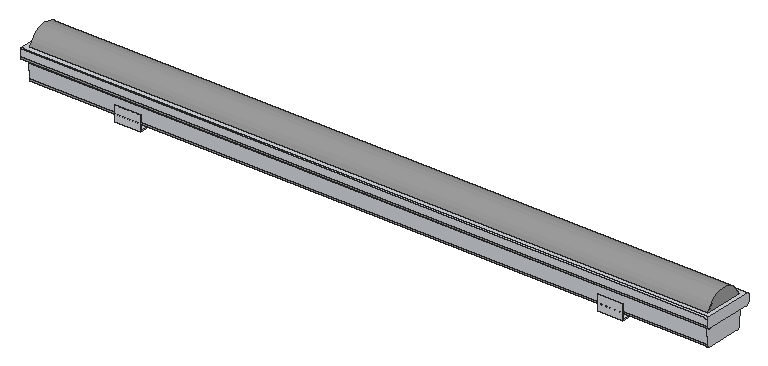
Revit family "0010233", category Lighting Fixtures, host Face, Revit 2017
Family settings
  Host = Face
  Round Connector Dimension = Use Diameter
  Part Type = Normal
  OmniClass Number = 23.80.70.00
  OmniClass Title = Lighting
  Cut with Voids When Loaded = No
  Light Source = Yes
  Shared = No
  Room Calculation Point = No
Parameters (values of type "0010233 RESISTO 1200 HE IP66 4800LM 840")
  Weight = "1.51 kg"
  Wattage Comments = ""
  Wattage = 31 W
  WarrantyStartDate [instance] = "n/a"
  WarrantyGuarantorParts = "n/a"
  WarrantyDurationUnit = "n/a"
  WarrantyDurationParts = "n/a"
  WarrantyDescription = "n/a"
  WIDTH_SYL = 44.5 mm
  built-in parameter 1150110 = 1 (stored number, unit not read)
  Voltage = 0 V
  URL = "http://www.sylvania-lighting.com"
  TypeName = "Resisto  1200 HE IP66 4800lm 840"
  Type Image = <None>
  Type Comments = "n/a"
  built-in parameter 1114217 = 1 (stored number, unit not read)
  Tilt Angle = -90.00°
  built-in parameter 1150109 = 1 (stored number, unit not read)
  built-in parameter 1150134 = 12
  TOP_WIDTH_SYL = 33.5 mm
  built-in parameter 1150113 = 1 (stored number, unit not read)
  SerialNumber [instance] = "n/a"
  Photometric Web File = "0010233.ies"
  Material_3_SYL = none
  PowerFactor = 0.95
  PowerConsumption = "31 W"
  NominalLength = 1200 mm
  NominalHeight = 80 mm
  NominalDepth = 87 mm
  Name = "Resisto  1200 HE IP66 4800lm 840"
  ModelReference = Name  # "Resisto  1200 HE IP66 4800lm 840"
  ModelNumber = "0010233"
  Model = Name  # "Resisto  1200 HE IP66 4800lm 840"
  Material = "pc polycarbonate housing, pc polycarbonate diffuser"
  ManufacturerName = "Feilo Sylvania"
  Manufacturer = "Feilo Sylvania"
  MID_WIDTH_SYL = 36 mm
  LuminousEfficacy = "155 lm/W"
  built-in parameter 1150105 = 1587 (stored number, unit not read)
  Lumens = 4805 lm
  LuminaireType = ""
  built-in parameter 1150115 = 1 (stored number, unit not read)
  LightOutputRatio = "n/a"
  built-in parameter 1150137 = (empty or 0)
  built-in parameter 1150139 = (empty or 0)
  LampsType = Lamp  # "LED"
  LampNominalLuminous = "4800 lm"
  LampMacAdamStep = "3"
  LampColourTemperature = "4000 K"
  LampColourRenderingIndex = "80"
  built-in parameter 1150112 = 1 (stored number, unit not read)
  built-in parameter 1150114 = 1 (stored number, unit not read)
  Lamp = "LED"
  LENGHT_SYL = if(L1500_SYL, 742 mm, if(L1200_SYL, 592 mm, 317 mm))  # 592 mm
  LENGHT_CHAMFER_SYL = if(L1500_SYL, 750 mm, if(L1200_SYL, 600 mm, 325 mm))  # 600 mm
  LENGHT_650_SYL = 325 mm
  LENGHT-_SYL = if(L1500_SYL, -742 mm, if(L1200_SYL, -592 mm, -317 mm))  # -592 mm
  LENGHT-_CHAMFER_SYL = if(L1500_SYL, -750 mm, if(L1200_SYL, -600 mm, -325 mm))  # -600 mm
  LEGHT_650-_SYL = -325 mm
  LEGHT_1500_SYL = 750 mm
  LEGHT_1500-_SYL = -750 mm
  LEGHT_1200_SYL = 600 mm
  LEGHT_1200-_SYL = -600 mm
  L0650_SYL = no
  L1500_SYL = no
  L1200_SYL = yes
  Keynote = "16500"
  InstallationDate [instance] = "n/a"
  InputVoltage = "n/a"
  InputNominalFrequency = "n/a"
  built-in parameter 1150132 = (empty or 0)
  built-in parameter 1150102 = (empty or 0)
  built-in parameter 1150107 = 4000 (stored number, unit not read)
  built-in parameter 1150138 = (empty or 0)
  IngressProtection = "IP66"
  ImpactProtectionIndex = "IK08"
  built-in parameter 1150106 = 15.87 (stored number, unit not read)
  IfcExportType = "IfcLightFixtureType"
  IfcExportAs = "IfcLightFixtureType"
  Emit from Circle Diameter = 609.6 mm
  Emit Shape Visible in Rendering = no
  ElectricShockClassification = "Class I"
  built-in parameter 1150104 = 14.4 (stored number, unit not read)
  DocumentationLiterature = "http://www.sylvania-lighting.com/product/en-int/products/0010233"
  DimmingControlOptions = "n/a"
  Material_2_SYL = none
  Dimming Lamp Color Temperature Shift = <None>
  Description = "Resisto, integrated LED weatherproof luminaire, with UV stabilized flat diffuser designed to achieve uniform lit appearance, optimise light output and to reduce glare. 301 stainless steel diffuser clips and fixing brackets for surface mounting. Polycarbonate housing and diffuser - no yellow discolouration over time. 4800lm; 31W; 155lm/W; 4000K; SDCM<3; non dimmable; CRI80; IP66; IK08; Class I; 69,000hrs (L80B20) lifespan; 1200mm x 89mm x 88mm; D-mark."
  Default Elevation = 1219.2 mm
  DIF_WIDHT_SYL = 35 mm
  DIF_HEIGHT_SYL = 24 mm
  CreatedOn = "3/10/2021"
  CreatedBy = "@sylvania-lighting.com"
  Cost = 0
  Color Filter = 16777215
  built-in parameter 1114216 [instance] = (empty or 0)
  ClassificationValue = "EF_70_80"
  ClassificationName = "Uniclass2015"
  Material_1_SYL = Default
  CHAMFER_SYL = 19 mm
  BarCode [instance] = "n/a"
  built-in parameter 1114218 = 1 (stored number, unit not read)
  BRACKET_WIDTH_SYL = BRACKET_DIST_SYL - 44 mm  # 400 mm
  BRACKET_HEIGHT_SYL = 9 mm
  BRACKET_DIST_SYL = LENGHT_CHAMFER_SYL - 156 mm  # 444 mm
  BODY_SYL = 36 mm
  built-in parameter 1150133 = 10 (stored number, unit not read)
  AssetType = "Fixed"
  AssetIdentifier [instance] = "n/a"
  Assembly Code = "D5020200"
  Apparent Load = 31 VA
  Material_4_SYL = none
Reference planes
  plane 1 "Center (Front/Back)": y = 0
  plane 2: z = 0
  plane 3 "Center (Left/Right)": x = 0
  plane 4: z = 9
  plane 5: z = 45
  plane 6: z = 64
  plane 7: z = 88
  plane 8: y = -44.5
  plane 9: y = 44.5
  plane 10: y = -35
  plane 11: y = 35
  plane 12: y = 33.5
  plane 13: y = -33.5
  plane 14: y = -36
  plane 15: y = 36
  plane 16: z = 1
Forms (mm)
  Extrusion 1, solid
    sketch origin (319, 1524, 1219.2) x (0, 1, 0) y (0, 0, 1)
      loop
        line (-1552.835, -1210.2) -> (-1495.165, -1210.2)
        arc (-1495.165, -1210.2) -> (-1491.754, -1208.856) -> (-1490.177, -1205.546) r 5
        line (-1490.177, -1205.546) -> (-1488.323, -1178.854) -> (-1488, -1174.2) -> (-1560, -1174.2) -> (-1559.677, -1178.854) -> (-1557.823, -1205.546)
        arc (-1557.823, -1205.546) -> (-1556.246, -1208.856) -> (-1552.835, -1210.2) r 5
    from -592 <- "LENGHT-_SYL" to 592 <- "LENGHT_SYL"
  Extrusion 2, solid, material "Default" <- "Material_1_SYL"
    sketch origin (319, 1524, 1219.2) x (0, 1, 0) y (0, 0, 1)
      loop
        arc (-1490.5, -1155.2) -> (-1524, -1131.2) -> (-1557.5, -1155.2) r 35.38
        line (-1557.5, -1155.2) -> (-1490.5, -1155.2)
    from -592 <- "LENGHT-_SYL" to 592 <- "LENGHT_SYL"
  Extrusion 3, solid
    sketch origin (319, 1524, 1219.2) x (0, 1, 0) y (0, 0, 1)
      loop
        line (-1481.5, -1155.2) -> (-1566.5, -1155.2)
        arc (-1566.5, -1155.2) -> (-1567.914, -1155.786) -> (-1568.5, -1157.2) r 2
        line (-1568.5, -1157.2) -> (-1568.5, -1169.2)
        arc (-1568.5, -1169.2) -> (-1567.036, -1172.736) -> (-1563.5, -1174.2) r 5
        line (-1563.5, -1174.2) -> (-1484.5, -1174.2)
        arc (-1484.5, -1174.2) -> (-1480.964, -1172.736) -> (-1479.5, -1169.2) r 5
        line (-1479.5, -1169.2) -> (-1479.5, -1157.2)
        arc (-1479.5, -1157.2) -> (-1480.086, -1155.786) -> (-1481.5, -1155.2) r 2
    from -600 <- "LENGHT-_CHAMFER_SYL" to 600 <- "LENGHT_CHAMFER_SYL"
  Extrusion 4, solid
    sketch origin (319, 1524, 1219.2) x (0, 1, 0) y (0, 0, 1)
      loop
        line (-1489, -1219.2) -> (-1489, -1192.216) -> (-1490.5, -1192.216) -> (-1490.5, -1218.2) -> (-1557.5, -1218.2) -> (-1557.5, -1192.172) -> (-1559, -1192.172) -> (-1559, -1219.2) -> (-1489, -1219.2)
    from 400 <- "BRACKET_WIDTH_SYL" to 444 <- "BRACKET_DIST_SYL"
  Extrusion 5, solid
    sketch origin (321, 1524, 1219.2) x (0, 1, 0) y (0, 0, -1)
      loop
        line (-1489, 1219.2) -> (-1559, 1219.2) -> (-1559, 1192.172) -> (-1557.5, 1192.172) -> (-1557.5, 1218.2) -> (-1490.5, 1218.2) -> (-1490.5, 1192.216) -> (-1489, 1192.216) -> (-1489, 1219.2)
    from 400 <- "BRACKET_WIDTH_SYL" to 444 <- "BRACKET_DIST_SYL"
Dimensions and locks
  "BRACKET_HEIGHT_SYL": plane 4 to host face
  "BODY_SYL": plane 4 to plane 5
  "CHAMFER_SYL": plane 5 to plane 6
  "DIF_HEIGHT_SYL": plane 6 to plane 7
  "WIDTH_SYL": plane 9 to plane 1 "Center (Front/Back)" to plane 8
  "DIF_WIDHT_SYL": plane 11 to plane 1 "Center (Front/Back)" to plane 10
  "TOP_WIDTH_SYL": plane 12 to plane 1 "Center (Front/Back)" to plane 13
  "MID_WIDTH_SYL": plane 15 to plane 1 "Center (Front/Back)" to plane 14
  aligned and locked: plane 2 to host face
  aligned and locked: level to host face
  aligned and locked: Extrusion 3 sketch curve to plane 6
  aligned and locked: Extrusion 3 sketch curve to plane 9
  aligned and locked: plane 5 to Extrusion 3 sketch curve
  aligned and locked: plane 8 to Extrusion 3 sketch curve
Automatic sketch dimensions
  host sketch curve to host sketch curve = 2438.4 mm  (x2)
  plane 5 to Extrusion 1 sketch curve = 0 mm
  Extrusion 1 sketch curve to plane 14 = 0 mm
  plane 4 to Extrusion 1 sketch curve = 0 mm
  Extrusion 1 sketch curve to plane 15 = 0 mm
  Extrusion 1 sketch curve to plane 14 = 0.323 mm
  plane 13 to Extrusion 1 sketch curve = 0.323 mm
  Extrusion 1 sketch curve to plane 13 = 4.665 mm
  plane 12 to Extrusion 1 sketch curve = 4.665 mm
  Extrusion 1 sketch curve to plane 12 = 0.323 mm
  plane 15 to Extrusion 1 sketch curve = 0.323 mm
  Extrusion 1 sketch curve to plane 4 = 4.654 mm  (x2)
  plane 5 to Extrusion 1 sketch curve = 4.654 mm  (x2)
  plane 6 to Extrusion 2 sketch curve = 0 mm
  Extrusion 2 sketch curve to plane 13 = 0 mm
  Extrusion 2 sketch curve to plane 1 "Center (Front/Back)" = 0 mm
  Extrusion 2 sketch curve to plane 5 = 7.62 mm
  Extrusion 3 sketch curve to plane 8 = 2 mm
  plane 14 to Extrusion 3 sketch curve = 3.5 mm
  Extrusion 3 sketch curve to plane 15 = 3.5 mm
  plane 6 to Extrusion 3 sketch curve = 2 mm
  Extrusion 4 sketch curve to level = 0 mm
  Extrusion 4 sketch curve to plane 10 = 0 mm
  Extrusion 4 sketch curve to plane 13 = 0 mm
  Extrusion 4 sketch curve to plane 12 = 0 mm
  Extrusion 4 sketch curve to plane 11 = 0 mm
  plane 16 to Extrusion 4 sketch curve = 0 mm
  Extrusion 4 sketch curve to plane 4 = 17.984 mm
  plane 5 to Extrusion 4 sketch curve = 17.972 mm
  Extrusion 5 sketch curve to level = 0 mm
  Extrusion 5 sketch curve to plane 10 = 0 mm
  Extrusion 5 sketch curve to plane 13 = 0 mm
  Extrusion 5 sketch curve to plane 12 = 0 mm
  Extrusion 5 sketch curve to plane 11 = 0 mm
  plane 16 to Extrusion 5 sketch curve = 0 mm
  Extrusion 5 sketch curve to plane 4 = 17.984 mm
  plane 5 to Extrusion 5 sketch curve = 17.972 mm
Connectors
  electrical at (-273, 0, 27)
    settings: on Extrusion 1, index 1, voltage 0 V, apparent load 0 VA, apparent load phase1 0 VA, apparent load phase2 0 VA, apparent load phase3 0 VA, power factor 1, load classification "Other", number of poles 1, system type 31, power factor state 1, is connector primary yes, connector utility no, sub classification motor no, connector description ""
Types (60, lengths in mm): name | Weight | Wattage | TypeName | built-in parameter 1150134 | Photometric Web File | PowerFactor | PowerConsumption | NominalLength | Name | ModelReference | ModelNumber | Model | LuminousEfficacy | built-in parameter 1150105 | Lumens | LampNominalLuminous | LampMacAdamStep | LampColourTemperature | LENGHT_SYL | LENGHT_CHAMFER_SYL | LENGHT-_SYL | LENGHT-_CHAMFER_SYL | L0650_SYL | L1500_SYL | L1200_SYL | built-in parameter 1150107 | built-in parameter 1150106 | built-in parameter 1150104 | DocumentationLiterature | Description | BRACKET_WIDTH_SYL | BRACKET_DIST_SYL | Apparent Load
  0010278 RESISTO 1500 HE IP66 8300LM 840 | "1.95 kg" | 54 W | "Resisto 1500 HE IP66 8300lm 840" | 12 | "0010278.ies" | 0.95 | "54 W" | 1500 | "Resisto 1500 HE IP66 8300lm 840" | "Resisto 1500 HE IP66 8300lm 840" | "0010278" | "Resisto 1500 HE IP66 8300lm 840" | "154 lm/W" | 2674.3 (stored number, unit not read) | 8316 lm | "8300 lm" | "3" | "4000 K" | 742 | 750 | -742 | -750 | no | yes | no | 4000 (stored number, unit not read) | 26.743 (stored number, unit not read) | 14.307 (stored number, unit not read) | "http://www.sylvania-lighting.com/product/en-int/products/0010278" | "Resisto, integrated LED weatherproof luminaire, with UV stabilized flat diffuser designed to achieve uniform lit appearance, optimise light output and to reduce glare. 301 stainless steel diffuser clips and fixing brackets for surface mounting. Polycarbonate housing and diffuser - no yellow discolouration over time. 8300lm; 54W; 154lm/W; 4000K; SDCM<3; non dimmable; CRI80; IP66; IK08; Class I; 69,000hrs (L80B20) lifespan; 1500mm x 89mm x 88mm; D-mark." | 550 | 594 | 54 VA
  0010274 RESISTO 1500 HE IP66 DALI 7100LM 840 | "2.01 kg" | 46 W | "Resisto 1500 HE IP66 DALI 7100lm 840" | 12 | "0010274.ies" | 0.98 | "46 W" | 1500 | "Resisto 1500 HE IP66 DALI 7100lm 840" | "Resisto 1500 HE IP66 DALI 7100lm 840" | "0010274" | "Resisto 1500 HE IP66 DALI 7100lm 840" | "154 lm/W" | 2362.2 (stored number, unit not read) | 7084 lm | "7100 lm" | "3" | "4000 K" | 742 | 750 | -742 | -750 | no | yes | no | 4000 (stored number, unit not read) | 23.622 (stored number, unit not read) | 14.307 (stored number, unit not read) | "http://www.sylvania-lighting.com/product/en-int/products/0010274" | "Resisto, integrated LED weatherproof luminaire, with UV stabilized flat diffuser designed to achieve uniform lit appearance, optimise light output and to reduce glare. 301 stainless steel diffuser clips and fixing brackets for surface mounting. Polycarbonate housing and diffuser - no yellow discolouration over time. 7100lm; 46W; 154lm/W; 4000K; SDCM<3; DALI dimmable; CRI80; IP66; IK08; Class I; 69,000hrs (L80B20) lifespan; 1500mm x 89mm x 88mm; D-mark." | 550 | 594 | 46 VA
  0010273 RESISTO 1500 HE IP66 DALI 4000LM 840 | "1.95 kg" | 25 W | "Resisto 1500 HE IP66 DALI 4000lm 840" | 12 | "0010273.ies" | 0.98 | "25 W" | 1500 | "Resisto 1500 HE IP66 DALI 4000lm 840" | "Resisto 1500 HE IP66 DALI 4000lm 840" | "0010273" | "Resisto 1500 HE IP66 DALI 4000lm 840" | "160 lm/W" | 1286.3 (stored number, unit not read) | 4000 lm | "4000 lm" | "3" | "4000 K" | 742 | 750 | -742 | -750 | no | yes | no | 4000 (stored number, unit not read) | 12.863 (stored number, unit not read) | 14.864 (stored number, unit not read) | "http://www.sylvania-lighting.com/product/en-int/products/0010273" | "Resisto, integrated LED weatherproof luminaire, with UV stabilized flat diffuser designed to achieve uniform lit appearance, optimise light output and to reduce glare. 301 stainless steel diffuser clips and fixing brackets for surface mounting. Polycarbonate housing and diffuser - no yellow discolouration over time. 4000lm; 25W; 160lm/W; 4000K; SDCM<3; DALI dimmable; CRI80; IP66; IK08; Class I; 69,000hrs (L80B20) lifespan; 1500mm x 89mm x 88mm; D-mark." | 550 | 594 | 25 VA
  0010272 RESISTO 1500 HE IP66 7100LM 840 EM | "2.58 kg" | 50 W | "Resisto 1500 HE IP66 7100lm 840 EM" | 12 | "0010272.ies" | 0.95 | "50 W" | 1500 | "Resisto 1500 HE IP66 7100lm 840 EM" | "Resisto 1500 HE IP66 7100lm 840 EM" | "0010272" | "Resisto 1500 HE IP66 7100lm 840 EM" | "142 lm/W" | 2367.5 (stored number, unit not read) | 7100 lm | "7100 lm" | "3" | "4000 K" | 742 | 750 | -742 | -750 | no | yes | no | 4000 (stored number, unit not read) | 23.675 (stored number, unit not read) | 13.192 (stored number, unit not read) | "http://www.sylvania-lighting.com/product/en-int/products/0010272" | "Resisto, integrated LED weatherproof luminaire, with UV stabilized flat diffuser designed to achieve uniform lit appearance, optimise light output and to reduce glare. 301 stainless steel diffuser clips and fixing brackets for surface mounting. Polycarbonate housing and diffuser - no yellow discolouration over time. 7100lm; 50W; 142lm/W; 4000K; SDCM<3; non dimmable; CRI80; IP66; IK08; Class I; 69,000hrs (L80B20) lifespan; 1500mm x 89mm x 88mm; D-mark; 3-hour maintained emergency batteries." | 550 | 594 | 50 VA
  0010271 RESISTO 1500 HE IP66 4000LM 840 EM | "2.51 kg" | 29 W | "Resisto 1500 HE IP66 4000lm 840 EM" | 12 | "0010271.ies" | 0.95 | "29 W" | 1500 | "Resisto 1500 HE IP66 4000lm 840 EM" | "Resisto 1500 HE IP66 4000lm 840 EM" | "0010271" | "Resisto 1500 HE IP66 4000lm 840 EM" | "138 lm/W" | 1287 (stored number, unit not read) | 4002 lm | "4000 lm" | "3" | "4000 K" | 742 | 750 | -742 | -750 | no | yes | no | 4000 (stored number, unit not read) | 12.87 (stored number, unit not read) | 12.821 (stored number, unit not read) | "http://www.sylvania-lighting.com/product/en-int/products/0010271" | "Resisto, integrated LED weatherproof luminaire, with UV stabilized flat diffuser designed to achieve uniform lit appearance, optimise light output and to reduce glare. 301 stainless steel diffuser clips and fixing brackets for surface mounting. Polycarbonate housing and diffuser - no yellow discolouration over time. 4000lm; 29W; 138lm/W; 4000K; SDCM<3; non dimmable; CRI80; IP66; IK08; Class I; 69,000hrs (L80B20) lifespan; 1500mm x 89mm x 88mm; D-mark; 3-hour maintained emergency batteries." | 550 | 594 | 29 VA
  0010269 RESISTO 1500 HE IP66 7100LM 840 | "1.95 kg" | 46 W | "Resisto  1500 HE IP66 7100lm 840" | 12 | "0010269.ies" | 0.95 | "46 W" | 1500 | "Resisto  1500 HE IP66 7100lm 840" | "Resisto  1500 HE IP66 7100lm 840" | "0010269" | "Resisto  1500 HE IP66 7100lm 840" | "154 lm/W" | 2362.2 (stored number, unit not read) | 7084 lm | "7100 lm" | "3" | "4000 K" | 742 | 750 | -742 | -750 | no | yes | no | 4000 (stored number, unit not read) | 23.622 (stored number, unit not read) | 14.307 (stored number, unit not read) | "http://www.sylvania-lighting.com/product/en-int/products/0010269" | "Resisto, integrated LED weatherproof luminaire, with UV stabilized flat diffuser designed to achieve uniform lit appearance, optimise light output and to reduce glare. 301 stainless steel diffuser clips and fixing brackets for surface mounting. Polycarbonate housing and diffuser - no yellow discolouration over time. 7100lm; 46W; 154lm/W; 4000K; SDCM<3; non dimmable; CRI80; IP66; IK08; Class I; 69,000hrs (L80B20) lifespan; 1500mm x 89mm x 88mm; D-mark." | 550 | 594 | 46 VA
  0010268 RESISTO 1500 HE IP66 4000LM 840 | "1.87 kg" | 25 W | "Resisto  1500 HE IP66 4000lm 840" | 12 | "0010268.ies" | 0.95 | "25 W" | 1500 | "Resisto  1500 HE IP66 4000lm 840" | "Resisto  1500 HE IP66 4000lm 840" | "0010268" | "Resisto  1500 HE IP66 4000lm 840" | "160 lm/W" | 1286.3 (stored number, unit not read) | 4000 lm | "4000 lm" | "3" | "4000 K" | 742 | 750 | -742 | -750 | no | yes | no | 4000 (stored number, unit not read) | 12.863 (stored number, unit not read) | 14.864 (stored number, unit not read) | "http://www.sylvania-lighting.com/product/en-int/products/0010268" | "Resisto, integrated LED weatherproof luminaire, with UV stabilized flat diffuser designed to achieve uniform lit appearance, optimise light output and to reduce glare. 301 stainless steel diffuser clips and fixing brackets for surface mounting. Polycarbonate housing and diffuser - no yellow discolouration over time. 4000lm; 25W; 160lm/W; 4000K; SDCM<3; non dimmable; CRI80; IP66; IK08; Class I; 69,000hrs (L80B20) lifespan; 1500mm x 89mm x 88mm; D-mark." | 550 | 594 | 25 VA
  0010261 RESISTO 1500 IP66 DALI 8300LM 840 | "2.01 kg" | 61 W | "Resisto  1500 IP66 DALI 8300lm 840" | 12 | "0010261.ies" | 0.99 | "61 W" | 1500 | "Resisto  1500 IP66 DALI 8300lm 840" | "Resisto  1500 IP66 DALI 8300lm 840" | "0010261" | "Resisto  1500 IP66 DALI 8300lm 840" | "136 lm/W" | 2792.8 (stored number, unit not read) | 8296 lm | "8300 lm" | "5" | "4000 K" | 742 | 750 | -742 | -750 | no | yes | no | 4000 (stored number, unit not read) | 27.928 (stored number, unit not read) | 12.635 (stored number, unit not read) | "http://www.sylvania-lighting.com/product/en-int/products/0010261" | "Resisto, integrated LED weatherproof luminaire, with UV stabilized flat diffuser designed to achieve uniform lit appearance, optimise light output and to reduce glare. 301 stainless steel diffuser clips and fixing brackets for surface mounting. Polycarbonate housing and diffuser - no yellow discolouration over time. 8300lm; 61W; 136lm/W; 4000K; SDCM<5; DALI dimmable; CRI80; IP66; IK08; Class I; 69,000hrs (L80B20) lifespan; 1500mm x 89mm x 88mm; D-mark." | 550 | 594 | 61 VA
  0010260 RESISTO 1500 IP66 DALI 7100LM 840 | "2.01 kg" | 52 W | "Resisto  1500 IP66 DALI 7100lm 840" | 12 | "0010260.ies" | 0.99 | "52 W" | 1500 | "Resisto  1500 IP66 DALI 7100lm 840" | "Resisto  1500 IP66 DALI 7100lm 840" | "0010260" | "Resisto  1500 IP66 DALI 7100lm 840" | "137 lm/W" | 2375.5 (stored number, unit not read) | 7124 lm | "7100 lm" | "5" | "4000 K" | 742 | 750 | -742 | -750 | no | yes | no | 4000 (stored number, unit not read) | 23.755 (stored number, unit not read) | 12.728 (stored number, unit not read) | "http://www.sylvania-lighting.com/product/en-int/products/0010260" | "Resisto, integrated LED weatherproof luminaire, with UV stabilized flat diffuser designed to achieve uniform lit appearance, optimise light output and to reduce glare. 301 stainless steel diffuser clips and fixing brackets for surface mounting. Polycarbonate housing and diffuser - no yellow discolouration over time. 7100lm; 52W; 137lm/W; 4000K; SDCM<5; DALI dimmable; CRI80; IP66; IK08; Class I; 69,000hrs (L80B20) lifespan; 1500mm x 89mm x 88mm; D-mark." | 550 | 594 | 52 VA
  0010259 RESISTO 1500 IP66 DALI 4000LM 840 | "1.95 kg" | 30 W | "Resisto  1500 IP66 DALI 4000lm 840" | 12 | "0010259.ies" | 0.98 | "30 W" | 1500 | "Resisto  1500 IP66 DALI 4000lm 840" | "Resisto  1500 IP66 DALI 4000lm 840" | "0010259" | "Resisto  1500 IP66 DALI 4000lm 840" | "133 lm/W" | 1283.1 (stored number, unit not read) | 3990 lm | "4000 lm" | "5" | "4000 K" | 742 | 750 | -742 | -750 | no | yes | no | 4000 (stored number, unit not read) | 12.831 (stored number, unit not read) | 12.356 (stored number, unit not read) | "http://www.sylvania-lighting.com/product/en-int/products/0010259" | "Resisto, integrated LED weatherproof luminaire, with UV stabilized flat diffuser designed to achieve uniform lit appearance, optimise light output and to reduce glare. 301 stainless steel diffuser clips and fixing brackets for surface mounting. Polycarbonate housing and diffuser - no yellow discolouration over time. 4000lm; 30W; 133lm/W; 4000K; SDCM<5; DALI dimmable; CRI80; IP66; IK08; Class I; 69,000hrs (L80B20) lifespan; 1500mm x 89mm x 88mm; D-mark." | 550 | 594 | 30 VA
  0010258 RESISTO 1500 IP66 MWCOR 7100LM 840 | "2.06 kg" | 52 W | "Resisto  1500 IP66 MWcor 7100lm 840" | 12 | "0010258.ies" | 0.99 | "52 W" | 1500 | "Resisto  1500 IP66 MWcor 7100lm 840" | "Resisto  1500 IP66 MWcor 7100lm 840" | "0010258" | "Resisto  1500 IP66 MWcor 7100lm 840" | "137 lm/W" | 2375.5 (stored number, unit not read) | 7124 lm | "7100 lm" | "5" | "4000 K" | 742 | 750 | -742 | -750 | no | yes | no | 4000 (stored number, unit not read) | 23.755 (stored number, unit not read) | 12.728 (stored number, unit not read) | "http://www.sylvania-lighting.com/product/en-int/products/0010258" | "Resisto, integrated LED weatherproof luminaire, with UV stabilized flat diffuser designed to achieve uniform lit appearance, optimise light output and to reduce glare. 301 stainless steel diffuser clips and fixing brackets for surface mounting. Polycarbonate housing and diffuser - no yellow discolouration over time. 7100lm; 52W; 137lm/W; 4000K; SDCM<5; non dimmable; CRI80; IP66; IK08; Class I; 69,000hrs (L80B20) lifespan; 1500mm x 89mm x 88mm; D-mark; corridor function with microwave presence sensor." | 550 | 594 | 52 VA
  0010257 RESISTO 1500 IP66 MWCOR 4000LM 840 | "2.0 kg" | 30 W | "Resisto  1500 IP66 MWcor 4000lm 840" | 12 | "0010257.ies" | 0.98 | "30 W" | 1500 | "Resisto  1500 IP66 MWcor 4000lm 840" | "Resisto  1500 IP66 MWcor 4000lm 840" | "0010257" | "Resisto  1500 IP66 MWcor 4000lm 840" | "133 lm/W" | 1283.1 (stored number, unit not read) | 3990 lm | "4000 lm" | "5" | "4000 K" | 742 | 750 | -742 | -750 | no | yes | no | 4000 (stored number, unit not read) | 12.831 (stored number, unit not read) | 12.356 (stored number, unit not read) | "http://www.sylvania-lighting.com/product/en-int/products/0010257" | "Resisto, integrated LED weatherproof luminaire, with UV stabilized flat diffuser designed to achieve uniform lit appearance, optimise light output and to reduce glare. 301 stainless steel diffuser clips and fixing brackets for surface mounting. Polycarbonate housing and diffuser - no yellow discolouration over time. 4000lm; 30W; 133lm/W; 4000K; SDCM<5; non dimmable; CRI80; IP66; IK08; Class I; 69,000hrs (L80B20) lifespan; 1500mm x 89mm x 88mm; D-mark; corridor function with microwave presence sensor." | 550 | 594 | 30 VA
  0010256 RESISTO 1500 IP66 MW 7100LM 840 | "2.0 kg" | 52 W | "Resisto  1500 IP66 MW 7100lm 840" | 12 | "0010256.ies" | 0.95 | "52 W" | 1500 | "Resisto  1500 IP66 MW 7100lm 840" | "Resisto  1500 IP66 MW 7100lm 840" | "0010256" | "Resisto  1500 IP66 MW 7100lm 840" | "137 lm/W" | 2375.5 (stored number, unit not read) | 7124 lm | "7100 lm" | "5" | "4000 K" | 742 | 750 | -742 | -750 | no | yes | no | 4000 (stored number, unit not read) | 23.755 (stored number, unit not read) | 12.728 (stored number, unit not read) | "http://www.sylvania-lighting.com/product/en-int/products/0010256" | "Resisto, integrated LED weatherproof luminaire, with UV stabilized flat diffuser designed to achieve uniform lit appearance, optimise light output and to reduce glare. 301 stainless steel diffuser clips and fixing brackets for surface mounting. Polycarbonate housing and diffuser - no yellow discolouration over time. 7100lm; 52W; 137lm/W; 4000K; SDCM<5; non dimmable; CRI80; IP66; IK08; Class I; 69,000hrs (L80B20) lifespan; 1500mm x 89mm x 88mm; D-mark; MW On/Off." | 550 | 594 | 52 VA
  0010255 RESISTO 1500 IP66 MW 4000LM 840 | "1.92 kg" | 30 W | "Resisto  1500 IP66 MW 4000lm 840" | 12 | "0010255.ies" | 0.95 | "30 W" | 1500 | "Resisto  1500 IP66 MW 4000lm 840" | "Resisto  1500 IP66 MW 4000lm 840" | "0010255" | "Resisto  1500 IP66 MW 4000lm 840" | "133 lm/W" | 1283.1 (stored number, unit not read) | 3990 lm | "4000 lm" | "5" | "4000 K" | 742 | 750 | -742 | -750 | no | yes | no | 4000 (stored number, unit not read) | 12.831 (stored number, unit not read) | 12.356 (stored number, unit not read) | "http://www.sylvania-lighting.com/product/en-int/products/0010255" | "Resisto, integrated LED weatherproof luminaire, with UV stabilized flat diffuser designed to achieve uniform lit appearance, optimise light output and to reduce glare. 301 stainless steel diffuser clips and fixing brackets for surface mounting. Polycarbonate housing and diffuser - no yellow discolouration over time. 4000lm; 30W; 133lm/W; 4000K; SDCM<5; non dimmable; CRI80; IP66; IK08; Class I; 69,000hrs (L80B20) lifespan; 1500mm x 89mm x 88mm; D-mark; MW On/Off." | 550 | 594 | 30 VA
  0010254 RESISTO 1500 IP66 7100LM 840 EM | "2.59 kg" | 56 W | "Resisto  1500 IP66 7100lm 840 EM" | 12 | "0010254.ies" | 0.95 | "56 W" | 1500 | "Resisto  1500 IP66 7100lm 840 EM" | "Resisto  1500 IP66 7100lm 840 EM" | "0010254" | "Resisto  1500 IP66 7100lm 840 EM" | "127 lm/W" | 2371.5 (stored number, unit not read) | 7112 lm | "7100 lm" | "5" | "4000 K" | 742 | 750 | -742 | -750 | no | yes | no | 4000 (stored number, unit not read) | 23.715 (stored number, unit not read) | 11.799 (stored number, unit not read) | "http://www.sylvania-lighting.com/product/en-int/products/0010254" | "Resisto, integrated LED weatherproof luminaire, with UV stabilized flat diffuser designed to achieve uniform lit appearance, optimise light output and to reduce glare. 301 stainless steel diffuser clips and fixing brackets for surface mounting. Polycarbonate housing and diffuser - no yellow discolouration over time. 7100lm; 56W; 127lm/W; 4000K; SDCM<5; non dimmable; CRI80; IP66; IK08; Class I; 69,000hrs (L80B20) lifespan; 1500mm x 89mm x 88mm; D-mark; 3-hour maintained emergency batteries." | 550 | 594 | 56 VA
  0010253 RESISTO 1500 IP66 4000LM 840 EM | "2.5 kg" | 34 W | "Resisto  1500 IP66 4000lm 840 EM" | 12 | "0010253.ies" | 0.95 | "34 W" | 1500 | "Resisto  1500 IP66 4000lm 840 EM" | "Resisto  1500 IP66 4000lm 840 EM" | "0010253" | "Resisto  1500 IP66 4000lm 840 EM" | "118 lm/W" | 1290.2 (stored number, unit not read) | 4012 lm | "4000 lm" | "5" | "4000 K" | 742 | 750 | -742 | -750 | no | yes | no | 4000 (stored number, unit not read) | 12.902 (stored number, unit not read) | 10.963 (stored number, unit not read) | "http://www.sylvania-lighting.com/product/en-int/products/0010253" | "Resisto, integrated LED weatherproof luminaire, with UV stabilized flat diffuser designed to achieve uniform lit appearance, optimise light output and to reduce glare. 301 stainless steel diffuser clips and fixing brackets for surface mounting. Polycarbonate housing and diffuser - no yellow discolouration over time. 4000lm; 34W; 118lm/W; 4000K; SDCM<5; non dimmable; CRI80; IP66; IK08; Class I; 69,000hrs (L80B20) lifespan; 1500mm x 89mm x 88mm; D-mark; 3-hour maintained emergency batteries." | 550 | 594 | 34 VA
  0010252 RESISTO 1500 IP66 7100LM 840 5XTH | "2.18 kg" | 52 W | "Resisto 1500 IP66 7100lm 840 5xTH" | 12 | "0010252.ies" | 0.95 | "52 W" | 1500 | "Resisto 1500 IP66 7100lm 840 5xTH" | "Resisto 1500 IP66 7100lm 840 5xTH" | "0010252" | "Resisto 1500 IP66 7100lm 840 5xTH" | "137 lm/W" | 2375.5 (stored number, unit not read) | 7124 lm | "7100 lm" | "5" | "4000 K" | 742 | 750 | -742 | -750 | no | yes | no | 4000 (stored number, unit not read) | 23.755 (stored number, unit not read) | 12.728 (stored number, unit not read) | "http://www.sylvania-lighting.com/product/en-int/products/0010252" | "Resisto, integrated LED weatherproof luminaire, with UV stabilized flat diffuser designed to achieve uniform lit appearance, optimise light output and to reduce glare. 301 stainless steel diffuser clips and fixing brackets for surface mounting. Polycarbonate housing and diffuser - no yellow discolouration over time. 7100lm; 52W; 137lm/W; 4000K; SDCM<5; non dimmable; CRI80; IP66; IK08; Class I; 69,000hrs (L80B20) lifespan; 1500mm x 89mm x 88mm; D-mark; through wiring." | 550 | 594 | 52 VA
  0010251 RESISTO 1500 IP66 4000LM 840 5XTH | "2.1 kg" | 30 W | "Resisto 1500 IP66 4000lm 840 5xTH" | 12 | "0010251.ies" | 0.95 | "30 W" | 1500 | "Resisto 1500 IP66 4000lm 840 5xTH" | "Resisto 1500 IP66 4000lm 840 5xTH" | "0010251" | "Resisto 1500 IP66 4000lm 840 5xTH" | "133 lm/W" | 1283.1 (stored number, unit not read) | 3990 lm | "4000 lm" | "5" | "4000 K" | 742 | 750 | -742 | -750 | no | yes | no | 4000 (stored number, unit not read) | 12.831 (stored number, unit not read) | 12.356 (stored number, unit not read) | "http://www.sylvania-lighting.com/product/en-int/products/0010251" | "Resisto, integrated LED weatherproof luminaire, with UV stabilized flat diffuser designed to achieve uniform lit appearance, optimise light output and to reduce glare. 301 stainless steel diffuser clips and fixing brackets for surface mounting. Polycarbonate housing and diffuser - no yellow discolouration over time. 4000lm; 30W; 133lm/W; 4000K; SDCM<5; non dimmable; CRI80; IP66; IK08; Class I; 69,000hrs (L80B20) lifespan; 1500mm x 89mm x 88mm; D-mark; through wiring." | 550 | 594 | 30 VA
  0010250 RESISTO 1500 IP66 7100LM 840 QC | "2.02 kg" | 52 W | "Resisto  1500 IP66 7100lm 840 QC" | 12 | "0010250.ies" | 0.95 | "52 W" | 1512 | "Resisto  1500 IP66 7100lm 840 QC" | "Resisto  1500 IP66 7100lm 840 QC" | "0010250" | "Resisto  1500 IP66 7100lm 840 QC" | "137 lm/W" | 2375.5 (stored number, unit not read) | 7124 lm | "7100 lm" | "5" | "4000 K" | 742 | 750 | -742 | -750 | no | yes | no | 4000 (stored number, unit not read) | 23.755 (stored number, unit not read) | 12.728 (stored number, unit not read) | "http://www.sylvania-lighting.com/product/en-int/products/0010250" | "Resisto, integrated LED weatherproof luminaire, with UV stabilized flat diffuser designed to achieve uniform lit appearance, optimise light output and to reduce glare. 301 stainless steel diffuser clips and fixing brackets for surface mounting. Polycarbonate housing and diffuser - no yellow discolouration over time. 7100lm; 52W; 137lm/W; 4000K; SDCM<5; non dimmable; CRI80; IP66; IK08; Class I; 69,000hrs (L80B20) lifespan; 1500mm x 89mm x 88mm; D-mark; assembled with quick connector." | 550 | 594 | 52 VA
  0010249 RESISTO 1500 IP66 4000LM 840 QC | "1.94 kg" | 30 W | "Resisto  1500 IP66 4000lm 840 QC" | 12 | "0010249.ies" | 0.95 | "30 W" | 1512 | "Resisto  1500 IP66 4000lm 840 QC" | "Resisto  1500 IP66 4000lm 840 QC" | "0010249" | "Resisto  1500 IP66 4000lm 840 QC" | "133 lm/W" | 1283.1 (stored number, unit not read) | 3990 lm | "4000 lm" | "5" | "4000 K" | 742 | 750 | -742 | -750 | no | yes | no | 4000 (stored number, unit not read) | 12.831 (stored number, unit not read) | 12.356 (stored number, unit not read) | "http://www.sylvania-lighting.com/product/en-int/products/0010249" | "Resisto, integrated LED weatherproof luminaire, with UV stabilized flat diffuser designed to achieve uniform lit appearance, optimise light output and to reduce glare. 301 stainless steel diffuser clips and fixing brackets for surface mounting. Polycarbonate housing and diffuser - no yellow discolouration over time. 4000lm; 30W; 133lm/W; 4000K; SDCM<5; non dimmable; CRI80; IP66; IK08; Class I; 69,000hrs (L80B20) lifespan; 1500mm x 89mm x 88mm; D-mark; assembled with quick connector." | 550 | 594 | 30 VA
  0010248 RESISTO 1500 IP66 8300LM 865 | "1.95 kg" | 61 W | "Resisto  1500 IP66 8300lm 865" | 1 | "0010248.ies" | 0.95 | "61 W" | 1500 | "Resisto  1500 IP66 8300lm 865" | "Resisto  1500 IP66 8300lm 865" | "0010248" | "Resisto  1500 IP66 8300lm 865" | "136 lm/W" | 2792.8 (stored number, unit not read) | 8296 lm | "8300 lm" | "5" | "6500 K" | 742 | 750 | -742 | -750 | no | yes | no | 6500 (stored number, unit not read) | 27.928 (stored number, unit not read) | 12.635 (stored number, unit not read) | "http://www.sylvania-lighting.com/product/en-int/products/0010248" | "Resisto, integrated LED weatherproof luminaire, with UV stabilized flat diffuser designed to achieve uniform lit appearance, optimise light output and to reduce glare. 301 stainless steel diffuser clips and fixing brackets for surface mounting. Polycarbonate housing and diffuser - no yellow discolouration over time. 8300lm; 61W; 136lm/W; 6500K; SDCM<5; non dimmable; CRI80; IP66; IK08; Class I; 69,000hrs (L80B20) lifespan; 1500mm x 89mm x 88mm; D-mark." | 550 | 594 | 61 VA
  0010247 RESISTO 1500 IP66 7100LM 865 | "1.95 kg" | 52 W | "Resisto  1500 IP66 7100lm 865" | 1 | "0010247.ies" | 0.95 | "52 W" | 1500 | "Resisto  1500 IP66 7100lm 865" | "Resisto  1500 IP66 7100lm 865" | "0010247" | "Resisto  1500 IP66 7100lm 865" | "137 lm/W" | 2375.5 (stored number, unit not read) | 7124 lm | "7100 lm" | "5" | "6500 K" | 742 | 750 | -742 | -750 | no | yes | no | 6500 (stored number, unit not read) | 23.755 (stored number, unit not read) | 12.728 (stored number, unit not read) | "http://www.sylvania-lighting.com/product/en-int/products/0010247" | "Resisto, integrated LED weatherproof luminaire, with UV stabilized flat diffuser designed to achieve uniform lit appearance, optimise light output and to reduce glare. 301 stainless steel diffuser clips and fixing brackets for surface mounting. Polycarbonate housing and diffuser - no yellow discolouration over time. 7100lm; 52W; 137lm/W; 6500K; SDCM<5; non dimmable; CRI80; IP66; IK08; Class I; 69,000hrs (L80B20) lifespan; 1500mm x 89mm x 88mm; D-mark." | 550 | 594 | 52 VA
  0010246 RESISTO 1500 IP66 4000LM 865 | "1.87 kg" | 30 W | "Resisto  1500 IP66 4000lm 865" | 1 | "0010246.ies" | 0.95 | "30 W" | 1500 | "Resisto  1500 IP66 4000lm 865" | "Resisto  1500 IP66 4000lm 865" | "0010246" | "Resisto  1500 IP66 4000lm 865" | "133 lm/W" | 1283.1 (stored number, unit not read) | 3990 lm | "4000 lm" | "5" | "6500 K" | 742 | 750 | -742 | -750 | no | yes | no | 6500 (stored number, unit not read) | 12.831 (stored number, unit not read) | 12.356 (stored number, unit not read) | "http://www.sylvania-lighting.com/product/en-int/products/0010246" | "Resisto, integrated LED weatherproof luminaire, with UV stabilized flat diffuser designed to achieve uniform lit appearance, optimise light output and to reduce glare. 301 stainless steel diffuser clips and fixing brackets for surface mounting. Polycarbonate housing and diffuser - no yellow discolouration over time. 4000lm; 30W; 133lm/W; 6500K; SDCM<5; non dimmable; CRI80; IP66; IK08; Class I; 69,000hrs (L80B20) lifespan; 1500mm x 89mm x 88mm; D-mark." | 550 | 594 | 30 VA
  0010245 RESISTO 1500 IP66 8300LM 840 | "15.48 kg" | 61 W | "Resisto  1500 IP66 8300lm 840" | 12 | "0010245.ies" | 0.95 | "61.0 W" | 1500 | "Resisto  1500 IP66 8300lm 840" | "Resisto  1500 IP66 8300lm 840" | "0010245" | "Resisto  1500 IP66 8300lm 840" | "136 lm/W" | -23179853.6 (stored number, unit not read) | 8296 lm | "8300 lm" | "5" | "4000 K" | 742 | 750 | -742 | -750 | no | yes | no | 4000 (stored number, unit not read) | -231798.5 (stored number, unit not read) | 12.635 (stored number, unit not read) | "http://www.sylvania-lighting.com/product/en-int/products/0010245" | "Resisto, integrated LED weatherproof luminaire, with UV stabilized flat diffuser designed to achieve uniform lit appearance, optimise light output and to reduce glare. 301 stainless steel diffuser clips and fixing brackets for surface mounting. Polycarbonate housing and diffuser - no yellow discolouration over time. 8300lm; 61W; 136lm/W; 4000K; SDCM<5; non dimmable; CRI80; IP66; IK08; Class I; 69,000hrs (L80B20) lifespan; 1500mm x 89mm x 88mm; D-mark." | 550 | 594 | 61 VA
  0010244 RESISTO 1500 IP66 7100LM 840 | "15.48 kg" | 52 W | "Resisto  1500 IP66 7100lm 840" | 12 | "0010244.ies" | 0.95 | "52.0 W" | 1500 | "Resisto  1500 IP66 7100lm 840" | "Resisto  1500 IP66 7100lm 840" | "0010244" | "Resisto  1500 IP66 7100lm 840" | "137 lm/W" | -16865856.3 (stored number, unit not read) | 7124 lm | "7100 lm" | "5" | "4000 K" | 742 | 750 | -742 | -750 | no | yes | no | 4000 (stored number, unit not read) | -168658.6 (stored number, unit not read) | 12.728 (stored number, unit not read) | "http://www.sylvania-lighting.com/product/en-int/products/0010244" | "Resisto, integrated LED weatherproof luminaire, with UV stabilized flat diffuser designed to achieve uniform lit appearance, optimise light output and to reduce glare. 301 stainless steel diffuser clips and fixing brackets for surface mounting. Polycarbonate housing and diffuser - no yellow discolouration over time. 7100lm; 52W; 137lm/W; 4000K; SDCM<5; non dimmable; CRI80; IP66; IK08; Class I; 69,000hrs (L80B20) lifespan; 1500mm x 89mm x 88mm; D-mark." | 550 | 594 | 52 VA
  0010243 RESISTO 1500 IP66 4000LM 840 | "1.87 kg" | 30 W | "Resisto  1500 IP66 4000lm 840" | 12 | "0010243.ies" | 0.95 | "30 W" | 1500 | "Resisto  1500 IP66 4000lm 840" | "Resisto  1500 IP66 4000lm 840" | "0010243" | "Resisto  1500 IP66 4000lm 840" | "133 lm/W" | 1283.1 (stored number, unit not read) | 3990 lm | "4000 lm" | "5" | "4000 K" | 742 | 750 | -742 | -750 | no | yes | no | 4000 (stored number, unit not read) | 12.831 (stored number, unit not read) | 12.356 (stored number, unit not read) | "http://www.sylvania-lighting.com/product/en-int/products/0010243" | "Resisto, integrated LED weatherproof luminaire, with UV stabilized flat diffuser designed to achieve uniform lit appearance, optimise light output and to reduce glare. 301 stainless steel diffuser clips and fixing brackets for surface mounting. Polycarbonate housing and diffuser - no yellow discolouration over time. 4000lm; 30W; 133lm/W; 4000K; SDCM<5; non dimmable; CRI80; IP66; IK08; Class I; 69,000hrs (L80B20) lifespan; 1500mm x 89mm x 88mm; D-mark." | 550 | 594 | 30 VA
  0010242 RESISTO 1500 IP66 8300LM 830 | "1.95 kg" | 61 W | "Resisto  1500 IP66 8300lm 830" | (empty or 0) | "0010242.ies" | 0.95 | "61 W" | 1500 | "Resisto  1500 IP66 8300lm 830" | "Resisto  1500 IP66 8300lm 830" | "0010242" | "Resisto  1500 IP66 8300lm 830" | "136 lm/W" | 2792.8 (stored number, unit not read) | 8296 lm | "8300 lm" | "5" | "3000 K" | 742 | 750 | -742 | -750 | no | yes | no | 3000 (stored number, unit not read) | 27.928 (stored number, unit not read) | 12.635 (stored number, unit not read) | "http://www.sylvania-lighting.com/product/en-int/products/0010242" | "Resisto, integrated LED weatherproof luminaire, with UV stabilized flat diffuser designed to achieve uniform lit appearance, optimise light output and to reduce glare. 301 stainless steel diffuser clips and fixing brackets for surface mounting. Polycarbonate housing and diffuser - no yellow discolouration over time. 8300lm; 61W; 136lm/W; 3000K; SDCM<5; non dimmable; CRI80; IP66; IK08; Class I; 69,000hrs (L80B20) lifespan; 1500mm x 89mm x 88mm; D-mark." | 550 | 594 | 61 VA
  0010241 RESISTO 1500 IP66 7100LM 830 | "1.95 kg" | 52 W | "Resisto  1500 IP66 7100lm 830" | (empty or 0) | "0010241.ies" | 0.95 | "52 W" | 1500 | "Resisto  1500 IP66 7100lm 830" | "Resisto  1500 IP66 7100lm 830" | "0010241" | "Resisto  1500 IP66 7100lm 830" | "137 lm/W" | 2375.5 (stored number, unit not read) | 7124 lm | "7100 lm" | "5" | "3000 K" | 742 | 750 | -742 | -750 | no | yes | no | 3000 (stored number, unit not read) | 23.755 (stored number, unit not read) | 12.728 (stored number, unit not read) | "http://www.sylvania-lighting.com/product/en-int/products/0010241" | "Resisto, integrated LED weatherproof luminaire, with UV stabilized flat diffuser designed to achieve uniform lit appearance, optimise light output and to reduce glare. 301 stainless steel diffuser clips and fixing brackets for surface mounting. Polycarbonate housing and diffuser - no yellow discolouration over time. 7100lm; 52W; 137lm/W; 3000K; SDCM<5; non dimmable; CRI80; IP66; IK08; Class I; 69,000hrs (L80B20) lifespan; 1500mm x 89mm x 88mm; D-mark." | 550 | 594 | 52 VA
  0010240 RESISTO 1500 IP66 4000LM 830 | "1.87 kg" | 30 W | "Resisto  1500 IP66 4000lm 830" | (empty or 0) | "0010240.ies" | 0.95 | "30 W" | 1500 | "Resisto  1500 IP66 4000lm 830" | "Resisto  1500 IP66 4000lm 830" | "0010240" | "Resisto  1500 IP66 4000lm 830" | "133 lm/W" | 1283.1 (stored number, unit not read) | 3990 lm | "4000 lm" | "5" | "3000 K" | 742 | 750 | -742 | -750 | no | yes | no | 3000 (stored number, unit not read) | 12.831 (stored number, unit not read) | 12.356 (stored number, unit not read) | "http://www.sylvania-lighting.com/product/en-int/products/0010240" | "Resisto, integrated LED weatherproof luminaire, with UV stabilized flat diffuser designed to achieve uniform lit appearance, optimise light output and to reduce glare. 301 stainless steel diffuser clips and fixing brackets for surface mounting. Polycarbonate housing and diffuser - no yellow discolouration over time. 4000lm; 30W; 133lm/W; 3000K; SDCM<5; non dimmable; CRI80; IP66; IK08; Class I; 69,000hrs (L80B20) lifespan; 1500mm x 89mm x 88mm; D-mark." | 550 | 594 | 30 VA
  0010237 RESISTO 1200 HE IP66 DALI 4800LM 840 | "1.59 kg" | 31 W | "Resisto  1200 HE IP66 DALI 4800lm 840" | 12 | "0010237.ies" | 0.98 | "31 W" | 1200 | "Resisto  1200 HE IP66 DALI 4800lm 840" | "Resisto  1200 HE IP66 DALI 4800lm 840" | "0010237" | "Resisto  1200 HE IP66 DALI 4800lm 840" | "155 lm/W" | 1587 (stored number, unit not read) | 4805 lm | "4800 lm" | "3" | "4000 K" | 592 | 600 | -592 | -600 | no | no | yes | 4000 (stored number, unit not read) | 15.87 (stored number, unit not read) | 14.4 (stored number, unit not read) | "http://www.sylvania-lighting.com/product/en-int/products/0010237" | "Resisto, integrated LED weatherproof luminaire, with UV stabilized flat diffuser designed to achieve uniform lit appearance, optimise light output and to reduce glare. 301 stainless steel diffuser clips and fixing brackets for surface mounting. Polycarbonate housing and diffuser - no yellow discolouration over time. 4800lm; 31W; 155lm/W; 4000K; SDCM<3; DALI dimmable; CRI80; IP66; IK08; Class I; 69,000hrs (L80B20) lifespan; 1200mm x 89mm x 88mm; D-mark." | 400 | 444 | 31 VA
  0010236 RESISTO 1200 HE IP66 DALI 2800LM 840 | "1.51 kg" | 18 W | "Resisto  1200 HE IP66 DALI 2800lm 840" | 12 | "0010236.ies" | 0.98 | "18 W" | 1200 | "Resisto  1200 HE IP66 DALI 2800lm 840" | "Resisto  1200 HE IP66 DALI 2800lm 840" | "0010236" | "Resisto  1200 HE IP66 DALI 2800lm 840" | "156 lm/W" | 922.88 (stored number, unit not read) | 2808 lm | "2800 lm" | "3" | "4000 K" | 592 | 600 | -592 | -600 | no | no | yes | 4000 (stored number, unit not read) | 9.2288 (stored number, unit not read) | 14.493 (stored number, unit not read) | "http://www.sylvania-lighting.com/product/en-int/products/0010236" | "Resisto, integrated LED weatherproof luminaire, with UV stabilized flat diffuser designed to achieve uniform lit appearance, optimise light output and to reduce glare. 301 stainless steel diffuser clips and fixing brackets for surface mounting. Polycarbonate housing and diffuser - no yellow discolouration over time. 2800lm; 18W; 156lm/W; 4000K; SDCM<3; DALI dimmable; CRI80; IP66; IK08; Class I; 69,000hrs (L80B20) lifespan; 1200mm x 89mm x 88mm; D-mark." | 400 | 444 | 18 VA
  0010235 RESISTO 1200 HE IP66 4800LM 840 EM | "2.12 kg" | 35 W | "Resisto  1200 HE IP66 4800lm 840 EM" | 12 | "0010235.ies" | 0.95 | "35 W" | 1200 | "Resisto  1200 HE IP66 4800lm 840 EM" | "Resisto  1200 HE IP66 4800lm 840 EM" | "0010235" | "Resisto  1200 HE IP66 4800lm 840 EM" | "137 lm/W" | 1583.6 (stored number, unit not read) | 4795 lm | "4800 lm" | "3" | "4000 K" | 592 | 600 | -592 | -600 | no | no | yes | 4000 (stored number, unit not read) | 15.836 (stored number, unit not read) | 12.728 (stored number, unit not read) | "http://www.sylvania-lighting.com/product/en-int/products/0010235" | "Resisto, integrated LED weatherproof luminaire, with UV stabilized flat diffuser designed to achieve uniform lit appearance, optimise light output and to reduce glare. 301 stainless steel diffuser clips and fixing brackets for surface mounting. Polycarbonate housing and diffuser - no yellow discolouration over time. 4800lm; 35W; 137lm/W; 4000K; SDCM<3; non dimmable; CRI80; IP66; IK08; Class I; 69,000hrs (L80B20) lifespan; 1200mm x 89mm x 88mm; D-mark; 3-hour maintained emergency batteries." | 400 | 444 | 35 VA
  0010234 RESISTO 1200 HE IP66 2800LM 840 EM | "2.12 kg" | 22 W | "Resisto  1200 HE IP66 2800lm 840 EM" | 12 | "0010234.ies" | 0.95 | "22 W" | 1200 | "Resisto  1200 HE IP66 2800lm 840 EM" | "Resisto  1200 HE IP66 2800lm 840 EM" | "0010234" | "Resisto  1200 HE IP66 2800lm 840 EM" | "127 lm/W" | 918.28 (stored number, unit not read) | 2794 lm | "2800 lm" | "3" | "4000 K" | 592 | 600 | -592 | -600 | no | no | yes | 4000 (stored number, unit not read) | 9.1828 (stored number, unit not read) | 11.799 (stored number, unit not read) | "http://www.sylvania-lighting.com/product/en-int/products/0010234" | "Resisto, integrated LED weatherproof luminaire, with UV stabilized flat diffuser designed to achieve uniform lit appearance, optimise light output and to reduce glare. 301 stainless steel diffuser clips and fixing brackets for surface mounting. Polycarbonate housing and diffuser - no yellow discolouration over time. 2800lm; 22W; 127lm/W; 4000K; SDCM<3; non dimmable; CRI80; IP66; IK08; Class I; 69,000hrs (L80B20) lifespan; 1200mm x 89mm x 88mm; D-mark; 3-hour maintained emergency batteries." | 400 | 444 | 22 VA
  0010233 RESISTO 1200 HE IP66 4800LM 840 | "1.51 kg" | 31 W | "Resisto  1200 HE IP66 4800lm 840" | 12 | "0010233.ies" | 0.95 | "31 W" | 1200 | "Resisto  1200 HE IP66 4800lm 840" | "Resisto  1200 HE IP66 4800lm 840" | "0010233" | "Resisto  1200 HE IP66 4800lm 840" | "155 lm/W" | 1587 (stored number, unit not read) | 4805 lm | "4800 lm" | "3" | "4000 K" | 592 | 600 | -592 | -600 | no | no | yes | 4000 (stored number, unit not read) | 15.87 (stored number, unit not read) | 14.4 (stored number, unit not read) | "http://www.sylvania-lighting.com/product/en-int/products/0010233" | "Resisto, integrated LED weatherproof luminaire, with UV stabilized flat diffuser designed to achieve uniform lit appearance, optimise light output and to reduce glare. 301 stainless steel diffuser clips and fixing brackets for surface mounting. Polycarbonate housing and diffuser - no yellow discolouration over time. 4800lm; 31W; 155lm/W; 4000K; SDCM<3; non dimmable; CRI80; IP66; IK08; Class I; 69,000hrs (L80B20) lifespan; 1200mm x 89mm x 88mm; D-mark." | 400 | 444 | 31 VA
  0010232 RESISTO 1200 HE IP66 2800LM 840 | "1.5 kg" | 18 W | "Resisto  1200 HE IP66 2800lm 840" | 12 | "0010232.ies" | 0.95 | "18 W" | 1200 | "Resisto  1200 HE IP66 2800lm 840" | "Resisto  1200 HE IP66 2800lm 840" | "0010232" | "Resisto  1200 HE IP66 2800lm 840" | "156 lm/W" | 922.88 (stored number, unit not read) | 2808 lm | "2800 lm" | "3" | "4000 K" | 592 | 600 | -592 | -600 | no | no | yes | 4000 (stored number, unit not read) | 9.2288 (stored number, unit not read) | 14.493 (stored number, unit not read) | "http://www.sylvania-lighting.com/product/en-int/products/0010232" | "Resisto, integrated LED weatherproof luminaire, with UV stabilized flat diffuser designed to achieve uniform lit appearance, optimise light output and to reduce glare. 301 stainless steel diffuser clips and fixing brackets for surface mounting. Polycarbonate housing and diffuser - no yellow discolouration over time. 2800lm; 18W; 156lm/W; 4000K; SDCM<3; non dimmable; CRI80; IP66; IK08; Class I; 69,000hrs (L80B20) lifespan; 1200mm x 89mm x 88mm; D-mark." | 400 | 444 | 18 VA
  0010225 RESISTO 1200 IP66 DALI 4800LM 840 | "1.62 kg" | 35 W | "Resisto  1200 IP66 DALI 4800lm 840" | 12 | "0010225.ies" | 0.98 | "35 W" | 1200 | "Resisto  1200 IP66 DALI 4800lm 840" | "Resisto  1200 IP66 DALI 4800lm 840" | "0010225" | "Resisto  1200 IP66 DALI 4800lm 840" | "137 lm/W" | 1583.6 (stored number, unit not read) | 4795 lm | "4800 lm" | "5" | "4000 K" | 592 | 600 | -592 | -600 | no | no | yes | 4000 (stored number, unit not read) | 15.836 (stored number, unit not read) | 12.728 (stored number, unit not read) | "http://www.sylvania-lighting.com/product/en-int/products/0010225" | "Resisto, integrated LED weatherproof luminaire, with UV stabilized flat diffuser designed to achieve uniform lit appearance, optimise light output and to reduce glare. 301 stainless steel diffuser clips and fixing brackets for surface mounting. Polycarbonate housing and diffuser - no yellow discolouration over time. 4800lm; 35W; 137lm/W; 4000K; SDCM<5; DALI dimmable; CRI80; IP66; IK08; Class I; 69,000hrs (L80B20) lifespan; 1200mm x 89mm x 88mm; D-mark." | 400 | 444 | 35 VA
  0010224 RESISTO 1200 IP66 DALI 2800LM 840 | "1.59 kg" | 21 W | "Resisto  1200 IP66 DALI 2800lm 840" | 12 | "0010224.ies" | 0.98 | "21 W" | 1200 | "Resisto  1200 IP66 DALI 2800lm 840" | "Resisto  1200 IP66 DALI 2800lm 840" | "0010224" | "Resisto  1200 IP66 DALI 2800lm 840" | "133 lm/W" | 917.95 (stored number, unit not read) | 2793 lm | "2800 lm" | "5" | "4000 K" | 592 | 600 | -592 | -600 | no | no | yes | 4000 (stored number, unit not read) | 9.1795 (stored number, unit not read) | 12.356 (stored number, unit not read) | "http://www.sylvania-lighting.com/product/en-int/products/0010224" | "Resisto, integrated LED weatherproof luminaire, with UV stabilized flat diffuser designed to achieve uniform lit appearance, optimise light output and to reduce glare. 301 stainless steel diffuser clips and fixing brackets for surface mounting. Polycarbonate housing and diffuser - no yellow discolouration over time. 2800lm; 21W; 133lm/W; 4000K; SDCM<5; DALI dimmable; CRI80; IP66; IK08; Class I; 69,000hrs (L80B20) lifespan; 1200mm x 89mm x 88mm; D-mark." | 400 | 444 | 21 VA
  0010223 RESISTO 1200 IP66 MWCOR 4800LM 840 | "1.72 kg" | 35 W | "Resisto  1200 IP66 MWcor 4800lm 840" | 12 | "0010223.ies" | 0.98 | "35 W" | 1200 | "Resisto  1200 IP66 MWcor 4800lm 840" | "Resisto  1200 IP66 MWcor 4800lm 840" | "0010223" | "Resisto  1200 IP66 MWcor 4800lm 840" | "137 lm/W" | 1583.6 (stored number, unit not read) | 4795 lm | "4800 lm" | "5" | "4000 K" | 592 | 600 | -592 | -600 | no | no | yes | 4000 (stored number, unit not read) | 15.836 (stored number, unit not read) | 12.728 (stored number, unit not read) | "http://www.sylvania-lighting.com/product/en-int/products/0010223" | "Resisto, integrated LED weatherproof luminaire, with UV stabilized flat diffuser designed to achieve uniform lit appearance, optimise light output and to reduce glare. 301 stainless steel diffuser clips and fixing brackets for surface mounting. Polycarbonate housing and diffuser - no yellow discolouration over time. 4800lm; 35W; 137lm/W; 4000K; SDCM<5; non dimmable; CRI80; IP66; IK08; Class I; 69,000hrs (L80B20) lifespan; 1200mm x 89mm x 88mm; D-mark; corridor function with microwave presence sensor." | 400 | 444 | 35 VA
  0010222 RESISTO 1200 IP66 MWCOR 2800LM 840 | "1.64 kg" | 21 W | "Resisto  1200 IP66 MWcor 2800lm 840" | 12 | "0010222.ies" | 0.98 | "21 W" | 1200 | "Resisto  1200 IP66 MWcor 2800lm 840" | "Resisto  1200 IP66 MWcor 2800lm 840" | "0010222" | "Resisto  1200 IP66 MWcor 2800lm 840" | "133 lm/W" | 917.95 (stored number, unit not read) | 2793 lm | "2800 lm" | "5" | "4000 K" | 592 | 600 | -592 | -600 | no | no | yes | 4000 (stored number, unit not read) | 9.1795 (stored number, unit not read) | 12.356 (stored number, unit not read) | "http://www.sylvania-lighting.com/product/en-int/products/0010222" | "Resisto, integrated LED weatherproof luminaire, with UV stabilized flat diffuser designed to achieve uniform lit appearance, optimise light output and to reduce glare. 301 stainless steel diffuser clips and fixing brackets for surface mounting. Polycarbonate housing and diffuser - no yellow discolouration over time. 2800lm; 21W; 133lm/W; 4000K; SDCM<5; non dimmable; CRI80; IP66; IK08; Class I; 69,000hrs (L80B20) lifespan; 1200mm x 89mm x 88mm; D-mark; corridor function with microwave presence sensor." | 400 | 444 | 21 VA
  0010221 RESISTO 1200 IP66 MW 4800LM 840 | "1.59 kg" | 35 W | "Resisto  1200 IP66 MW 4800lm 840" | 12 | "0010221.ies" | 0.95 | "35 W" | 1200 | "Resisto  1200 IP66 MW 4800lm 840" | "Resisto  1200 IP66 MW 4800lm 840" | "0010221" | "Resisto  1200 IP66 MW 4800lm 840" | "137 lm/W" | 1583.6 (stored number, unit not read) | 4795 lm | "4800 lm" | "5" | "4000 K" | 592 | 600 | -592 | -600 | no | no | yes | 4000 (stored number, unit not read) | 15.836 (stored number, unit not read) | 12.728 (stored number, unit not read) | "http://www.sylvania-lighting.com/product/en-int/products/0010221" | "Resisto, integrated LED weatherproof luminaire, with UV stabilized flat diffuser designed to achieve uniform lit appearance, optimise light output and to reduce glare. 301 stainless steel diffuser clips and fixing brackets for surface mounting. Polycarbonate housing and diffuser - no yellow discolouration over time. 4800lm; 35W; 137lm/W; 4000K; SDCM<5; non dimmable; CRI80; IP66; IK08; Class I; 69,000hrs (L80B20) lifespan; 1200mm x 89mm x 88mm; D-mark; MW On/Off." | 400 | 444 | 35 VA
  0010220 RESISTO 1200 IP66 MW 2800LM 840 | "1.55 kg" | 21 W | "Resisto  1200 IP66 MW 2800lm 840" | 12 | "0010220.ies" | 0.95 | "21 W" | 1200 | "Resisto  1200 IP66 MW 2800lm 840" | "Resisto  1200 IP66 MW 2800lm 840" | "0010220" | "Resisto  1200 IP66 MW 2800lm 840" | "133 lm/W" | 917.95 (stored number, unit not read) | 2793 lm | "2800 lm" | "5" | "4000 K" | 592 | 600 | -592 | -600 | no | no | yes | 4000 (stored number, unit not read) | 9.1795 (stored number, unit not read) | 12.356 (stored number, unit not read) | "http://www.sylvania-lighting.com/product/en-int/products/0010220" | "Resisto, integrated LED weatherproof luminaire, with UV stabilized flat diffuser designed to achieve uniform lit appearance, optimise light output and to reduce glare. 301 stainless steel diffuser clips and fixing brackets for surface mounting. Polycarbonate housing and diffuser - no yellow discolouration over time. 2800lm; 21W; 133lm/W; 4000K; SDCM<5; non dimmable; CRI80; IP66; IK08; Class I; 69,000hrs (L80B20) lifespan; 1200mm x 89mm x 88mm; D-mark; MW On/Off." | 400 | 444 | 21 VA
  0010219 RESISTO 1200 IP66 4800LM 840 EM | "2.16 kg" | 39 W | "Resisto  1200 IP66 4800lm 840 EM" | 12 | "0010219.ies" | 0.95 | "39 W" | 1200 | "Resisto  1200 IP66 4800lm 840 EM" | "Resisto  1200 IP66 4800lm 840 EM" | "0010219" | "Resisto  1200 IP66 4800lm 840 EM" | "123 lm/W" | 1584.3 (stored number, unit not read) | 4797 lm | "4800 lm" | "5" | "4000 K" | 592 | 600 | -592 | -600 | no | no | yes | 4000 (stored number, unit not read) | 15.843 (stored number, unit not read) | 11.427 (stored number, unit not read) | "http://www.sylvania-lighting.com/product/en-int/products/0010219" | "Resisto, integrated LED weatherproof luminaire, with UV stabilized flat diffuser designed to achieve uniform lit appearance, optimise light output and to reduce glare. 301 stainless steel diffuser clips and fixing brackets for surface mounting. Polycarbonate housing and diffuser - no yellow discolouration over time. 4800lm; 39W; 123lm/W; 4000K; SDCM<5; non dimmable; CRI80; IP66; IK08; Class I; 69,000hrs (L80B20) lifespan; 1200mm x 89mm x 88mm; D-mark; 3-hour maintained emergency batteries." | 400 | 444 | 39 VA
  0010218 RESISTO 1200 IP66 2800LM 840 EM | "2.12 kg" | 25 W | "Resisto  1200 IP66 2800lm 840 EM" | 12 | "0010218.ies" | 0.95 | "25 W" | 1200 | "Resisto  1200 IP66 2800lm 840 EM" | "Resisto  1200 IP66 2800lm 840 EM" | "0010218" | "Resisto  1200 IP66 2800lm 840 EM" | "112 lm/W" | 920.25 (stored number, unit not read) | 2800 lm | "2800 lm" | "5" | "4000 K" | 592 | 600 | -592 | -600 | no | no | yes | 4000 (stored number, unit not read) | 9.2025 (stored number, unit not read) | 10.405 (stored number, unit not read) | "http://www.sylvania-lighting.com/product/en-int/products/0010218" | "Resisto, integrated LED weatherproof luminaire, with UV stabilized flat diffuser designed to achieve uniform lit appearance, optimise light output and to reduce glare. 301 stainless steel diffuser clips and fixing brackets for surface mounting. Polycarbonate housing and diffuser - no yellow discolouration over time. 2800lm; 25W; 112lm/W; 4000K; SDCM<5; non dimmable; CRI80; IP66; IK08; Class I; 69,000hrs (L80B20) lifespan; 1200mm x 89mm x 88mm; D-mark; 3-hour maintained emergency batteries." | 400 | 444 | 25 VA
  0010217 RESISTO 1200 IP66 4800LM 840 5XTH | "1.72 kg" | 35 W | "Resisto 1200 IP66 4800lm 840 5xTH" | 12 | "0010217.ies" | 0.95 | "35 W" | 1200 | "Resisto 1200 IP66 4800lm 840 5xTH" | "Resisto 1200 IP66 4800lm 840 5xTH" | "0010217" | "Resisto 1200 IP66 4800lm 840 5xTH" | "137 lm/W" | 1583.6 (stored number, unit not read) | 4795 lm | "4800 lm" | "5" | "4000 K" | 592 | 600 | -592 | -600 | no | no | yes | 4000 (stored number, unit not read) | 15.836 (stored number, unit not read) | 12.728 (stored number, unit not read) | "http://www.sylvania-lighting.com/product/en-int/products/0010217" | "Resisto, integrated LED weatherproof luminaire, with UV stabilized flat diffuser designed to achieve uniform lit appearance, optimise light output and to reduce glare. 301 stainless steel diffuser clips and fixing brackets for surface mounting. Polycarbonate housing and diffuser - no yellow discolouration over time. 4800lm; 35W; 137lm/W; 4000K; SDCM<5; non dimmable; CRI80; IP66; IK08; Class I; 69,000hrs (L80B20) lifespan; 1200mm x 89mm x 88mm; D-mark; through wiring." | 400 | 444 | 35 VA
  0010216 RESISTO 1200 IP66 2800LM 840 5XTH | "1.68 kg" | 21 W | "Resisto 1200 IP66 2800lm 840 5xTH" | 12 | "0010216.ies" | 0.95 | "21 W" | 1200 | "Resisto 1200 IP66 2800lm 840 5xTH" | "Resisto 1200 IP66 2800lm 840 5xTH" | "0010216" | "Resisto 1200 IP66 2800lm 840 5xTH" | "133 lm/W" | 917.95 (stored number, unit not read) | 2793 lm | "2800 lm" | "5" | "4000 K" | 592 | 600 | -592 | -600 | no | no | yes | 4000 (stored number, unit not read) | 9.1795 (stored number, unit not read) | 12.356 (stored number, unit not read) | "http://www.sylvania-lighting.com/product/en-int/products/0010216" | "Resisto, integrated LED weatherproof luminaire, with UV stabilized flat diffuser designed to achieve uniform lit appearance, optimise light output and to reduce glare. 301 stainless steel diffuser clips and fixing brackets for surface mounting. Polycarbonate housing and diffuser - no yellow discolouration over time. 2800lm; 21W; 133lm/W; 4000K; SDCM<5; non dimmable; CRI80; IP66; IK08; Class I; 69,000hrs (L80B20) lifespan; 1200mm x 89mm x 88mm; D-mark; through wiring." | 400 | 444 | 21 VA
